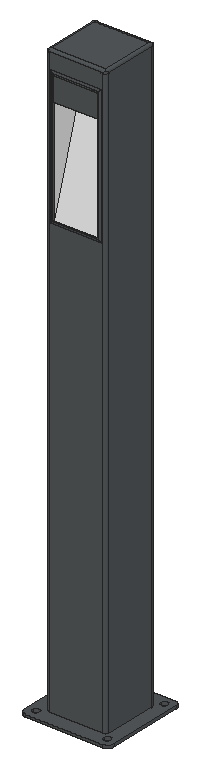
Revit family "svetilnik_alfresco_ar deko_dtu19", category Lighting Fixtures, Revit 2016 (continued)
Definition of nested family "Источник света Ар_Деко"
  Types (5, lengths in mm): name | Photometric Web File | built-in parameter 1150142
             0.2       0.2       0.2       0.2       0.2       0.2       0.2       0.2\r\n       0.2       0.2       0.2       0.2       0.2       0.2       0.2       0.2\r\n       0.2       0.2       0.2       0.2       0.2       0.2       0.2       0.2\r\n       0.2       0.2       0.2       0.2       0.2       0.2       0.2       0.2\r\n       0.2       0.2       0.2       0.2       0.2       0.2       0.2       0.2\r\n       0.2       0.2       0.2       0.2       0.2       0.2       0.2       0.2\r\n       0.2       0.2       0.2       0.2       0.2       0.2       0.2       0.2\r\n       0.2       0.2       0.2       0.2       0.2       0.2       0.2       0.2\r\n       0.2       0.2       0.2       0.2       0.2       0.2       0.2       0.2\r\n       0.2       0.2       0.2       0.2       0.2       0.2       0.2       0.2\r\n       0.2       0.1       0.1       0.1       0.1       0.1       0.1       0.1\r\n       0.1       0.1       0.0       0.0       0.0\r\n       0.0       0.0       0.0       0.0       0.1       0.1       0.1       0.1\r\n       0.2       0.2       0.2       0.2       0.2       0.2       0.2       0.2\r\n       0.2       0.2       0.2       0.2       0.2       0.2       0.2       0.2\r\n       0.2       0.2       0.2       0.2       0.2       0.2       0.2       0.2\r\n       0.2       0.2       0.2       0.2       0.2       0.2       0.2       0.2\r\n       0.2       0.2       0.2       0.2       0.2       0.2       0.2       0.2\r\n       0.2       0.2       0.2       0.2       0.2       0.2       0.2       0.2\r\n       0.2       0.2       0.2       0.2       0.2       0.2       0.2       0.2\r\n       0.2       0.2       0.2       0.2       0.2       0.2       0.2       0.2\r\n       0.2       0.2       0.2       0.2       0.2       0.2       0.2       0.2\r\n       0.2       0.2       0.2       0.2       0.2       0.2       0.2       0.2\r\n       0.2       0.2       0.2       0.2       0.2       0.2       0.2       0.2\r\n       0.2       0.2       0.2       0.2       0.2       0.2       0.2       0.2\r\n       0.2       0.2       0.2       0.2       0.2       0.2       0.2       0.2\r\n       0.2       0.2       0.2       0.2       0.2       0.2       0.2       0.2\r\n       0.2       0.2       0.2       0.2       0.2       0.2       0.2       0.2\r\n       0.2       0.2       0.2       0.2       0.2       0.2       0.2       0.2\r\n       0.2       0.2       0.2       0.2       0.2       0.2       0.2       0.2\r\n       0.2       0.2       0.2       0.2       0.2       0.2       0.2       0.2\r\n       0.2       0.2       0.2       0.2       0.2       0.2       0.2       0.2\r\n       0.2       0.2       0.2       0.2       0.2       0.2       0.2       0.2\r\n       0.2       0.1       0.1       0.1       0.1       0.1       0.1       0.1\r\n       0.1       0.1       0.0       0.0       0.0\r\n       0.0       0.0       0.0       0.0       0.0       0.1       0.1       0.1\r\n       0.2       0.2       0.2       0.2       0.2       0.2       0.2       0.2\r\n       0.2       0.2       0.2       0.2       0.2       0.2       0.2       0.2\r\n       0.2       0.2       0.2       0.2       0.2       0.2       0.2       0.2\r\n       0.2       0.2       0.2       0.2       0.2       0.2       0.2       0.2\r\n       0.2       0.2       0.2       0.2       0.2       0.2       0.2       0.2\r\n       0.2       0.2       0.2       0.2       0.2       0.2       0.2       0.2\r\n       0.2       0.2       0.2       0.2       0.2       0.2       0.2       0.2\r\n       0.2       0.2       0.2       0.2       0.2       0.2       0.2       0.2\r\n       0.2       0.2       0.2       0.2       0.2       0.2       0.2       0.2\r\n       0.2       0.2       0.2       0.2       0.2       0.2       0.2       0.2\r\n       0.2       0.2       0.2       0.2       0.2       0.2       0.2       0.2\r\n       0.2       0.2       0.2       0.2       0.2       0.2       0.2       0.2\r\n       0.2       0.2       0.2       0.2       0.2       0.2       0.2       0.2\r\n       0.2       0.2       0.2       0.2       0.2       0.2       0.2       0.2\r\n       0.2       0.2       0.2       0.2       0.2       0.2       0.2       0.2\r\n       0.2       0.2       0.2       0.2       0.2       0.2       0.2       0.2\r\n       0.2       0.2       0.2       0.2       0.2       0.2       0.2       0.2\r\n       0.2       0.2       0.2       0.2       0.2       0.2       0.2       0.2\r\n       0.2       0.2       0.2       0.2       0.2       0.2       0.2       0.2\r\n       0.2       0.2       0.2       0.2       0.2       0.2       0.2       0.2\r\n       0.2       0.1       0.1       0.1       0.1       0.1       0.1       0.1\r\n       0.1       0.1       0.0       0.0       0.0\r\n       0.0       0.0       0.0       0.0       0.0       0.1       0.1       0.1\r\n       0.2       0.2       0.2       0.2       0.2       0.2       0.2       0.2\r\n       0.2       0.2       0.2       0.2       0.2       0.2       0.2       0.2\r\n       0.2       0.2       0.2       0.2       0.2       0.2       0.2       0.2\r\n       0.2       0.2       0.2       0.2       0.2       0.2       0.2       0.2\r\n       0.2       0.2       0.2       0.2       0.2       0.2       0.2       0.2\r\n       0.2       0.2       0.2       0.2       0.2       0.2       0.2       0.2\r\n       0.2       0.2       0.2       0.2       0.2       0.2       0.2       0.2\r\n       0.2       0.2       0.2       0.2       0.2       0.2       0.2       0.2\r\n       0.2       0.2       0.2       0.2       0.2       0.2       0.2       0.2\r\n       0.2       0.2       0.2       0.2       0.2       0.2       0.2       0.2\r\n       0.2       0.2       0.2       0.2       0.2       0.2       0.2       0.2\r\n       0.2       0.2       0.2       0.2       0.2       0.2       0.2       0.2\r\n       0.2       0.2       0.2       0.2       0.2       0.2       0.2       0.2\r\n       0.2       0.2       0.2       0.2       0.2       0.2       0.2       0.2\r\n       0.2       0.2       0.2       0.2       0.2       0.2       0.2       0.2\r\n       0.2       0.2       0.2       0.2       0.2       0.2       0.2       0.2\r\n       0.2       0.2       0.2       0.2       0.2       0.2       0.2       0.2\r\n       0.2       0.2       0.2       0.2       0.2       0.2       0.2       0.2\r\n       0.2       0.2       0.2       0.2       0.2       0.2       0.2       0.2\r\n       0.2       0.2       0.2       0.2       0.2       0.2       0.2       0.2\r\n       0.2       0.1       0.1       0.1       0.1       0.1       0.1       0.1\r\n       0.1       0.1       0.0       0.0       0.0\r\n       0.0       0.0       0.0       0.0       0.0       0.1       0.1       0.1\r\n       0.2       0.2       0.2       0.2       0.2       0.2       0.2       0.2\r\n       0.2       0.2       0.2       0.2       0.2       0.2       0.2       0.2\r\n       0.2       0.2       0.2       0.2       0.2       0.2       0.2       0.2\r\n       0.2       0.2       0.2       0.2       0.2       0.2       0.2       0.2\r\n       0.2       0.2       0.2       0.2       0.2       0.2       0.2       0.2\r\n       0.2       0.2       0.2       0.3       0.2       0.2       0.2       0.2\r\n       0.2       0.2       0.2       0.2       0.2       0.2       0.2       0.2\r\n       0.2       0.2       0.2       0.2       0.2       0.2       0.2       0.2\r\n       0.2       0.2       0.2       0.2       0.2       0.2       0.2       0.2\r\n       0.2       0.2       0.2       0.2       0.2       0.2       0.2       0.2\r\n       0.2       0.2       0.2       0.2       0.2       0.2       0.2       0.2\r\n       0.2       0.2       0.2       0.2       0.2       0.2       0.2       0.2\r\n       0.2       0.2       0.2       0.2       0.2       0.2       0.2       0.2\r\n       0.2       0.2       0.2       0.2       0.2       0.2       0.2       0.2\r\n       0.2       0.2       0.2       0.2       0.2       0.2       0.2       0.2\r\n       0.2       0.2       0.2       0.2       0.2       0.2       0.2       0.2\r\n       0.2       0.2       0.2       0.2       0.2       0.2       0.2       0.2\r\n       0.2       0.2       0.2       0.2       0.2       0.2       0.2       0.2\r\n       0.2       0.2       0.2       0.2       0.2       0.2       0.2       0.2\r\n       0.2       0.2       0.2       0.2       0.2       0.2       0.2       0.2\r\n       0.2       0.2       0.1       0.1       0.1       0.1       0.1       0.1\r\n       0.1       0.1       0.0       0.0       0.0\r\n       0.0       0.0       0.0       0.0       0.0       0.1       0.1       0.1\r\n       0.2       0.2       0.2       0.2       0.2       0.2       0.2       0.2\r\n       0.2       0.2       0.2       0.2       0.2       0.2       0.2       0.2\r\n       0.2       0.2       0.2       0.2       0.2       0.2       0.2       0.2\r\n       0.2       0.2       0.2       0.2       0.2       0.2       0.2       0.2\r\n       0.2       0.2       0.2       0.2       0.2       0.2       0.2       0.2\r\n       0.2       0.2       0.2       0.2       0.2       0.2       0.2       0.2\r\n       0.2       0.2       0.2       0.2       0.2       0.2       0.2       0.2\r\n       0.2       0.2       0.2       0.2       0.2       0.2       0.2       0.2\r\n       0.2       0.2       0.2       0.2       0.2       0.2       0.2       0.2\r\n       0.2       0.2       0.2       0.2       0.2       0.2       0.2       0.2\r\n       0.2       0.2       0.2       0.2       0.2       0.2       0.2       0.2\r\n       0.2       0.2       0.2       0.2       0.2       0.2       0.2       0.2\r\n       0.2       0.2       0.2       0.2       0.2       0.2       0.2       0.2\r\n       0.2       0.2       0.2       0.2       0.2       0.2       0.2       0.2\r\n       0.2       0.2       0.2       0.2       0.2       0.2       0.2       0.2\r\n       0.2       0.2       0.2       0.2       0.2       0.2       0.2       0.2\r\n       0.2       0.2       0.2       0.2       0.2       0.2       0.2       0.2\r\n       0.2       0.2       0.2       0.2       0.2       0.2       0.2       0.2\r\n       0.2       0.2       0.2       0.2       0.2       0.2       0.2       0.2\r\n       0.2       0.2       0.2       0.2       0.2       0.2       0.2       0.2\r\n       0.2       0.2       0.1       0.1       0.1       0.1       0.1       0.1\r\n       0.1       0.0       0.0       0.0       0.0\r\n       0.0       0.0       0.0       0.0       0.0       0.1       0.1       0.1\r\n       0.2       0.2       0.2       0.2       0.2       0.2       0.2       0.2\r\n       0.2       0.2       0.2       0.2       0.2       0.2       0.2       0.2\r\n       0.2       0.2       0.2       0.2       0.2       0.2       0.2       0.2\r\n       0.2       0.2       0.2       0.2       0.2       0.2       0.2       0.2\r\n       0.2       0.2       0.2       0.2       0.2       0.2       0.2       0.2\r\n       0.2       0.2       0.2       0.2       0.2       0.2       0.2       0.2\r\n       0.2       0.2       0.2       0.2       0.2       0.2       0.2       0.2\r\n       0.2       0.2       0.2       0.2       0.2       0.2       0.2       0.2\r\n       0.2       0.2       0.2       0.2       0.2       0.2       0.2       0.2\r\n       0.2       0.2       0.2       0.2       0.2       0.2       0.2       0.2\r\n       0.2       0.2       0.2       0.2       0.2       0.2       0.2       0.2\r\n       0.2       0.2       0.2       0.2       0.2       0.2       0.2       0.2\r\n       0.2       0.2       0.2       0.2       0.2       0.2       0.2       0.2\r\n       0.2       0.2       0.2       0.2       0.2       0.2       0.2       0.2\r\n       0.2       0.2       0.2       0.2       0.2       0.2       0.2       0.2\r\n       0.2       0.2       0.2       0.2       0.2       0.2       0.2       0.2\r\n       0.2       0.2       0.2       0.2       0.2       0.2       0.2       0.2\r\n       0.2       0.2       0.2       0.2       0.2       0.2       0.2       0.2\r\n       0.2       0.2       0.2       0.2       0.2       0.2       0.2       0.2\r\n       0.2       0.2       0.2       0.2       0.2       0.2       0.2       0.2\r\n       0.2       0.2       0.1       0.1       0.1       0.1       0.1       0.1\r\n       0.1       0.0       0.0       0.0       0.0\r\n       0.0       0.0       0.0       0.0       0.0       0.0       0.1       0.1\r\n       0.2       0.2       0.2       0.2       0.2       0.2       0.2       0.2\r\n       0.2       0.2       0.2       0.2       0.2       0.2       0.2       0.2\r\n       0.2       0.2       0.2       0.2       0.2       0.2       0.2       0.2\r\n       0.2       0.2       0.2       0.2       0.2       0.2       0.2       0.2\r\n       0.2       0.2       0.2       0.2       0.2       0.2       0.2       0.3\r\n       0.2       0.2       0.2       0.2       0.2       0.2       0.2       0.2\r\n       0.2       0.2       0.2       0.2       0.2       0.2       0.2       0.2\r\n       0.2       0.2       0.2       0.2       0.2       0.2       0.2       0.2\r\n       0.2       0.2       0.2       0.2       0.2       0.2       0.2       0.2\r\n       0.2       0.2       0.2       0.2       0.2       0.2       0.2       0.2\r\n       0.2       0.2       0.2       0.2       0.2       0.2       0.2       0.2\r\n       0.2       0.2       0.2       0.2       0.2       0.2       0.2       0.2\r\n       0.2       0.2       0.2       0.2       0.2       0.2       0.2       0.2\r\n       0.2       0.2       0.2       0.2       0.2       0.2       0.2       0.2\r\n       0.2       0.2       0.2       0.2       0.2       0.2       0.2       0.2\r\n       0.2       0.2       0.2       0.2       0.2       0.2       0.2       0.2\r\n       0.2       0.2       0.2       0.2       0.2       0.2       0.2       0.2\r\n       0.2       0.2       0.2       0.2       0.2       0.2       0.2       0.2\r\n       0.2       0.2       0.2       0.2       0.2       0.2       0.2       0.2\r\n       0.2       0.2       0.2       0.2       0.2       0.2       0.2       0.2\r\n       0.2       0.2       0.1       0.1       0.1       0.1       0.1       0.1\r\n       0.1       0.0       0.0       0.0       0.0\r\n       0.0       0.0       0.0       0.0       0.0       0.0       0.1       0.1\r\n       0.2       0.2       0.2       0.2       0.2       0.2       0.2       0.2\r\n       0.2       0.2       0.2       0.2       0.2       0.2       0.2       0.2\r\n       0.2       0.2       0.2       0.2       0.2       0.2       0.2       0.2\r\n       0.2       0.2       0.2       0.2       0.2       0.2       0.2       0.2\r\n       0.2       0.2       0.2       0.2       0.2       0.2       0.2       0.4\r\n       0.3       0.2       0.2       0.2       0.2       0.2       0.2       0.2\r\n       0.2       0.2       0.2       0.2       0.2       0.2       0.2       0.2\r\n       0.2       0.2       0.2       0.2       0.2       0.2       0.2       0.2\r\n       0.2       0.2       0.2       0.2       0.2       0.2       0.2       0.2\r\n       0.2       0.2       0.2       0.2       0.2       0.2       0.2       0.2\r\n       0.2       0.2       0.2       0.2       0.2       0.2       0.2       0.2\r\n       0.2       0.2       0.2       0.2       0.2       0.2       0.2       0.2\r\n       0.2       0.2       0.2       0.2       0.2       0.2       0.2       0.2\r\n       0.2       0.2       0.2       0.2       0.2       0.2       0.2       0.2\r\n       0.2       0.2       0.2       0.2       0.2       0.2       0.2       0.2\r\n       0.2       0.2       0.2       0.2       0.2       0.2       0.2       0.2\r\n       0.2       0.2       0.2       0.2       0.2       0.2       0.2       0.2\r\n       0.2       0.2       0.2       0.2       0.2       0.2       0.2       0.2\r\n       0.2       0.2       0.2       0.2       0.2       0.2       0.2       0.2\r\n       0.2       0.2       0.2       0.2       0.2       0.2       0.2       0.2\r\n       0.2       0.2       0.1       0.1       0.1       0.1       0.1       0.1\r\n       0.0       0.0       0.0       0.0       0.0\r\n       0.0       0.0       0.0       0.0       0.0       0.0       0.0       0.1\r\n       0.2       0.2       0.2       0.2       0.2       0.2       0.2       0.2\r\n       0.2       0.2       0.2    
         0.2       0.2       0.2       0.2       0.2\r\n       0.2       0.2       0.2       0.2       0.2       0.2       0.2       0.3\r\n       0.2       0.2       0.2       0.2       0.2       0.2       0.2       0.2\r\n       0.2       0.2       0.2       0.2       0.2       0.2       0.2       0.2\r\n       0.2       0.2       0.2       0.2       0.2       0.2       0.2       0.2\r\n       0.2       0.2       0.2       0.2       0.2       0.2       0.2       0.2\r\n       0.2       0.2       0.2       0.2       0.2       0.2       0.2       0.2\r\n       0.2       0.2       0.2       0.2       0.2       0.2       0.2       0.2\r\n       0.2       0.2       0.2       0.2       0.2       0.2       0.2       0.2\r\n       0.2       0.2       0.2       0.2       0.2       0.2       0.2       0.2\r\n       0.2       0.2       0.2       0.2       0.2       0.2       0.2       0.2\r\n       0.2       0.2       0.2       0.2       0.2       0.2       0.2       0.2\r\n       0.2       0.2       0.2       0.2       0.2       0.2       0.2       0.2\r\n       0.2       0.2       0.2       0.2       0.2       0.2       0.2       0.2\r\n       0.2       0.2       0.2       0.2       0.2       0.2       0.2       0.2\r\n       0.2       0.2       0.2       0.2       0.2       0.2       0.2       0.2\r\n       0.2       0.2       0.2       0.2       0.2       0.2       0.2       0.2\r\n       0.2       0.2       0.2       0.2       0.2       0.2       0.2       0.2\r\n       0.2       0.2       0.2       0.2       0.2       0.2       0.2       0.2\r\n       0.2       0.2       0.1       0.1       0.1       0.1       0.1       0.1\r\n       0.0       0.0       0.0       0.0       0.0\r\n       0.0       0.0       0.0       0.0       0.0       0.0       0.0       0.1\r\n       0.2       0.2       0.2       0.2       0.2       0.2       0.2       0.2\r\n       0.2       0.2       0.2       0.2       0.2       0.2       0.2       0.2\r\n       0.2       0.2       0.2       0.2       0.2       0.2       0.2       0.2\r\n       0.2       0.2       0.2       0.2       0.2       0.2       0.2       0.2\r\n       0.2       0.2       0.2       0.2       0.2       0.2       0.2       0.2\r\n       0.2       0.2       0.2       0.2       0.2       0.2       0.2       0.2\r\n       0.2       0.2       0.2       0.2       0.2       0.2       0.2       0.2\r\n       0.2       0.2       0.2       0.2       0.2       0.2       0.2       0.2\r\n       0.2       0.2       0.2       0.2       0.2       0.2       0.2       0.2\r\n       0.2       0.2       0.2       0.2       0.2       0.2       0.2       0.2\r\n       0.2       0.2       0.2       0.2       0.2       0.2       0.2       0.2\r\n       0.2       0.2       0.2       0.2       0.2       0.2       0.2       0.2\r\n       0.2       0.2       0.2       0.2       0.2       0.2       0.2       0.2\r\n       0.2       0.2       0.2       0.2       0.2       0.2       0.2       0.2\r\n       0.2       0.2       0.2       0.2       0.2       0.2       0.2       0.2\r\n       0.2       0.2       0.2       0.2       0.2       0.2       0.2       0.2\r\n       0.2       0.2       0.2       0.2       0.2       0.2       0.2       0.2\r\n       0.2       0.2       0.2       0.2       0.2       0.2       0.2       0.2\r\n       0.2       0.2       0.2       0.2       0.2       0.2       0.2       0.2\r\n       0.2       0.2       0.2       0.2       0.2       0.2       0.2       0.2\r\n       0.2       0.2       0.1       0.1       0.1       0.1       0.1       0.0\r\n       0.0       0.0       0.0       0.0       0.0\r\n       0.0       0.0       0.0       0.0       0.0       0.0       0.0       0.0\r\n       0.1       0.2       0.2       0.2       0.2       0.2       0.2       0.2\r\n       0.2       0.2       0.2       0.2       0.2       0.2       0.2       0.2\r\n       0.2       0.2       0.2       0.2       0.2       0.2       0.2       0.2\r\n       0.2       0.2       0.2       0.2       0.2       0.2       0.2       0.2\r\n       0.2       0.2       0.2       0.2       0.2       0.2       0.2       0.2\r\n       0.2       0.2       0.2       0.2       0.2       0.2       0.2       0.2\r\n       0.2       0.2       0.2       0.2       0.2       0.2       0.2       0.2\r\n       0.2       0.2       0.2       0.2       0.2       0.2       0.2       0.2\r\n       0.2       0.2       0.2       0.2       0.2       0.2       0.2       0.2\r\n       0.2       0.2       0.2       0.2       0.2       0.2       0.2       0.2\r\n       0.2       0.2       0.2       0.2       0.2       0.2       0.2       0.2\r\n       0.2       0.2       0.2       0.2       0.2       0.2       0.2       0.2\r\n       0.2       0.2       0.2       0.2       0.2       0.2       0.2       0.2\r\n       0.2       0.2       0.2       0.2       0.2       0.2       0.2       0.2\r\n       0.2       0.2       0.2       0.2       0.2       0.2       0.2       0.2\r\n       0.2       0.2       0.2       0.2       0.2       0.2       0.2       0.2\r\n       0.2       0.2       0.2       0.2       0.2       0.2       0.2       0.2\r\n       0.2       0.2       0.2       0.2       0.2       0.2       0.2       0.2\r\n       0.2       0.2       0.2       0.2       0.2       0.2       0.2       0.2\r\n       0.2       0.2       0.2       0.2       0.2       0.2       0.2       0.2\r\n       0.2       0.2       0.1       0.1       0.1       0.1       0.0       0.0\r\n       0.0       0.0       0.0       0.0       0.0\r\n       0.0       0.0       0.0       0.0       0.0       0.0       0.0       0.0\r\n       0.1       0.1       0.1       0.2       0.2       0.2       0.2       0.2\r\n       0.2       0.2       0.2       0.2       0.2       0.2       0.2       0.2\r\n       0.2       0.2       0.2       0.2       0.2       0.2       0.2       0.2\r\n       0.2       0.2       0.2       0.2       0.2       0.2       0.2       0.2\r\n       0.2       0.2       0.2       0.2       0.2       0.2       0.2       0.2\r\n       0.2       0.2       0.2       0.2       0.2       0.2       0.2       0.2\r\n       0.2       0.2       0.2       0.2       0.2       0.2       0.2       0.2\r\n       0.2       0.2       0.2       0.2       0.2       0.2       0.2       0.2\r\n       0.2       0.2       0.2       0.2       0.2       0.2       0.2       0.2\r\n       0.2       0.2       0.2       0.2       0.2       0.2       0.2       0.2\r\n       0.2       0.2       0.2       0.2       0.2       0.2       0.2       0.2\r\n       0.2       0.2       0.2       0.2       0.2       0.2       0.2       0.2\r\n       0.2       0.2       0.2       0.2       0.2       0.2       0.2       0.2\r\n       0.2       0.2       0.2       0.2       0.2       0.2       0.2       0.2\r\n       0.2       0.2       0.2       0.2       0.2       0.2       0.2       0.2\r\n       0.2       0.2       0.2       0.2       0.2       0.2       0.2       0.2\r\n       0.2       0.2       0.2       0.2       0.2       0.2       0.2       0.2\r\n       0.2       0.2       0.2       0.2       0.2       0.2       0.2       0.2\r\n       0.2       0.2       0.2       0.2       0.2       0.2       0.2       0.2\r\n       0.2       0.2       0.2       0.2       0.2       0.2       0.2       0.2\r\n       0.2       0.2       0.1       0.1       0.1       0.0       0.0       0.0\r\n       0.0       0.0       0.0       0.0       0.0\r\n       0.0       0.0       0.0       0.0       0.0       0.0       0.0       0.0\r\n       0.1       0.1       0.1       0.1       0.2       0.2       0.2       0.2\r\n       0.2       0.2       0.2       0.2       0.2       0.2       0.2       0.2\r\n       0.2       0.2       0.2       0.2       0.2       0.2       0.2       0.2\r\n       0.2       0.2       0.2       0.2       0.2       0.2       0.2       0.2\r\n       0.2       0.2       0.2       0.2       0.2       0.2       0.2       0.2\r\n       0.2       0.2       0.2       0.2       0.2       0.2       0.2       0.2\r\n       0.2       0.2       0.2       0.2       0.2       0.2       0.2       0.2\r\n       0.2       0.2       0.2       0.2       0.2       0.2       0.2       0.2\r\n       0.2       0.2       0.2       0.2       0.2       0.2       0.2       0.2\r\n       0.2       0.2       0.2       0.2       0.2       0.2       0.2       0.2\r\n       0.2       0.2       0.2       0.2       0.2       0.2       0.2       0.2\r\n       0.2       0.2       0.2       0.2       0.2       0.2       0.2       0.2\r\n       0.2       0.2       0.2       0.2       0.2       0.2       0.2       0.2\r\n       0.2       0.2       0.2       0.2       0.2       0.2       0.2       0.2\r\n       0.2       0.2       0.2       0.2       0.2       0.2       0.2       0.2\r\n       0.2       0.2       0.2       0.2       0.2       0.2       0.2       0.2\r\n       0.2       0.2       0.2       0.2       0.2       0.2       0.2       0.2\r\n       0.2       0.2       0.2       0.2       0.2       0.2       0.2       0.2\r\n       0.2       0.2       0.2       0.2       0.2       0.2       0.2       0.2\r\n       0.2       0.2       0.2       0.2       0.2       0.2       0.2       0.2\r\n       0.2       0.2       0.1       0.1       0.1       0.0       0.0       0.0\r\n       0.0       0.0       0.0       0.0       0.0\r\n       0.0       0.0       0.0       0.0       0.0       0.0       0.0       0.0\r\n       0.1       0.1       0.1       0.1       0.1       0.2       0.2       0.2\r\n       0.2       0.2       0.2       0.2       0.2       0.2       0.2       0.2\r\n       0.2       0.2       0.2       0.2       0.2       0.2       0.2       0.2\r\n       0.2       0.2       0.2       0.2       0.2       0.2       0.2       0.2\r\n       0.2       0.2       0.2       0.2       0.2       0.2       0.2       0.2\r\n       0.2       0.2       0.2       0.2       0.2       0.2       0.2       0.2\r\n       0.2       0.2       0.2       0.2       0.2       0.2       0.2       0.2\r\n       0.2       0.2       0.2       0.2       0.2       0.2       0.2       0.2\r\n       0.2       0.2       0.2       0.2       0.2       0.2       0.2       0.2\r\n       0.2       0.2       0.2       0.2       0.2       0.2       0.2       0.2\r\n       0.2       0.2       0.2       0.2       0.2       0.2       0.2       0.2\r\n       0.2       0.2       0.2       0.2       0.2       0.2       0.2       0.2\r\n       0.2       0.2       0.2       0.2       0.2       0.2       0.2       0.2\r\n       0.2       0.2       0.2       0.2       0.2       0.2       0.2       0.2\r\n       0.2       0.2       0.2       0.2       0.3       0.5       0.2       0.2\r\n       0.2       0.2       0.2       0.2       0.2       0.2       0.2       0.2\r\n       0.2       0.2       0.2       0.2       0.2       0.2       0.2       0.2\r\n       0.2       0.2       0.2       0.2       0.2       0.2       0.2       0.2\r\n       0.2       0.2       0.2       0.2       0.2       0.2       0.2       0.2\r\n       0.2       0.2       0.2       0.2       0.2       0.2       0.2       0.2\r\n       0.2       0.2       0.1       0.1       0.1       0.0       0.0       0.0\r\n       0.0       0.0       0.0       0.0       0.0\r\n       0.0       0.0       0.0       0.0       0.0       0.0       0.0       0.0\r\n       0.1       0.1       0.1       0.1       0.1       0.1       0.2       0.2\r\n       0.1       0.2       0.2       0.1       0.1       0.1       0.2       0.2\r\n       0.2       0.2       0.2       0.2       0.2       0.2       0.2       0.2\r\n       0.2       0.2       0.2       0.2       0.2       0.2       0.2       0.2\r\n       0.2       0.2       0.2       0.2       0.2       0.2       0.2       0.2\r\n       0.2       0.2       0.2       0.2       0.2       0.2       0.2       0.2\r\n       0.2       0.2       0.2       0.2       0.2       0.2       0.2       0.2\r\n       0.2       0.2       0.2       0.2       0.2       0.2       0.2       0.2\r\n       0.2       0.2       0.2       0.2       0.2       0.2       0.2       0.2\r\n       0.2       0.2       0.2       0.2       0.2       0.2       0.2       0.2\r\n       0.2       0.2       0.2       0.2       0.2       0.2       0.2       0.2\r\n       0.2       0.2       0.2       0.2       0.2       0.2       0.2       0.2\r\n       0.2       0.2       0.2       0.2       0.2       0.2       0.2       0.2\r\n       0.2       0.2       0.2       0.2       0.2       0.2       0.2       0.2\r\n       0.2       0.2       0.2       0.2       0.3       0.2       0.2       0.2\r\n       0.2       0.2       0.2       0.2       0.2       0.2       0.2       0.2\r\n       0.2       0.2       0.2       0.2       0.2       0.2       0.2       0.2\r\n       0.2       0.2       0.2       0.2       0.2       0.2       0.2       0.2\r\n       0.2       0.2       0.2       0.2       0.2       0.2       0.2       0.2\r\n       0.2       0.2       0.2       0.2       0.2       0.2       0.2       0.2\r\n       0.2       0.1       0.1       0.1       0.0       0.0       0.0       0.0\r\n       0.0       0.0       0.0       0.0       0.0\r\n       0.0       0.0       0.0       0.0       0.0       0.0       0.0       0.0\r\n       0.1       0.1       0.1       0.1       0.1       0.1       0.1       0.1\r\n       0.1       0.1       0.1       0.2       0.1       0.1       0.2       0.1\r\n       0.2       0.2       0.2       0.2       0.2       0.2       0.2       0.2\r\n       0.2       0.2       0.2       0.2       0.2       0.2       0.2       0.2\r\n       0.2       0.2       0.2       0.2       0.2       0.2       0.2       0.2\r\n       0.2       0.2       0.2       0.2       0.2       0.2       0.2       0.2\r\n       0.2       0.2       0.2       0.2       0.2       0.2       0.2       0.2\r\n       0.2       0.2       0.2       0.2       0.2       0.2       0.2       0.2\r\n       0.2       0.2       0.2       0.2       0.2       0.2       0.2       0.2\r\n       0.2       0.2       0.2       0.2       0.2       0.2       0.2       0.2\r\n       0.2       0.2       0.2       0.2       0.2       0.2       0.2       0.2\r\n       0.2       0.2       0.2       0.2       0.2       0.2       0.2       0.2\r\n       0.2       0.2       0.2       0.2       0.2       0.2       0.2       0.2\r\n       0.2       0.2       0.2       0.2       0.2       0.2       0.2       0.2\r\n       0.2       0.2       0.2       0.2       0.2       0.2       0.2       0.2\r\n       0.2       0.2       0.2       0.2       0.2       0.2       0.2       0.2\r\n       0.2       0.2       0.2       0.2       0.2       0.2       0.2       0.2\r\n       0.2       0.2       0.2       0.2       0.2       0.2       0.2       0.2\r\n       0.2       0.2       0.2       0.2       0.2       0.2       0.2       0.2\r\n       0.2       0.2       0.2       0.2       0.2       0.2       0.1       0.1\r\n       0.1       0.1       0.1       0.1       0.0       0.0       0.0       0.0\r\n       0.0       0.0       0.0       0.0       0.0\r\n       0.0       0.0       0.0       0.0       0.0       0.0       0.0       0.0\r\n       0.1       0.1       0.1       0.1       0.1       0.1       0.1       0.1\r\n       0.1       0.1       0.1       0.1       0.1       0.1       0.2       0.2\r\n       0.1       0.2       0.2       0.2       0.2       0.2       0.2       0.2\r\n       0.2       0.2       0.2       0.2       0.2       0.2       0.2       0.2\r\n       0.2       0.2       0.2       0.2       0.2       0.2       0.2       0.2\r\n       0.2       0.2       0.2       0.2       0.2       0.2       0.2       0.2\r\n       0.2       0.2       0.2       0.2       0.2       0.2       0.2       0.2\r\n       0.2       0.2       0.2       0.2       0.2       0.2       0.2       0.2\r\n       0.2       0.2       0.2       0.2       0.2       0.2       0.2       0.2\r\n       0.2       0.2       0.2       0.2       0.2       0.2       0.2       0.2\r\n       0.2       0.2       0.2       0.2       0.2       0.2       0.2       0.2\r\n       0.2       0.2       0.2       0.2       0.2       0.2       0.2       0.2\r\n       0.2       0.2       0.2       0.2       0.2       0.2       0.2       0.2\r\n       0.2       0.2       0.2       0.2       0.2       0.2       0.2       0.2\r\n       0.2       0.2       0.2       0.2       0.2       0.2       0.2       0.2\r\n       0.2       0.2       0.2       0
